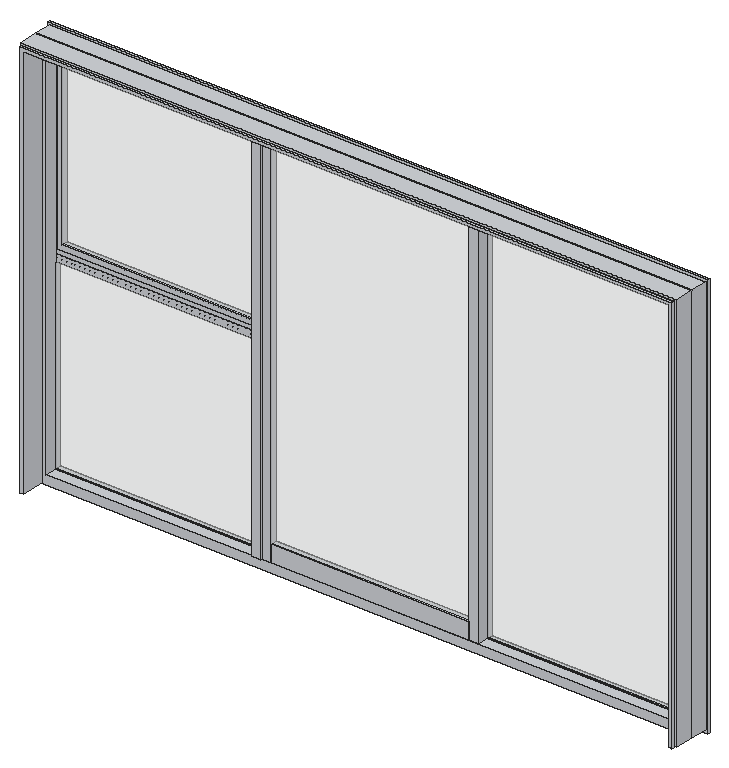
Revit family "APL Residential Thermal Heart Sliding Door FSF with Sidelight", category Doors, host Wall, Revit 2017 (continued)
Definition of nested family "APL Residential Thermal Heart Sliding Door FSF Vertical Section"
  Definition of nested family "Glass"
    Lines and regions (mm)
      detail lines, in view "Ref. Level"
        curve 22: arc (24.361, -10.787, 0) -> (24.512, -10.617, 0) -> (24.69, -10.476, 0) r 1.288
        curve 23: arc (24.69, -10.476, 0) -> (24.895, -10.467, 0) -> (25, -10.643, 0) r 0.2
        curve 24: line (24.92, -11.912, 0) -> (24.161, -12.614, 0)
        curve 25: line (24, -12.981, 0) -> (24, -14.404, 0)
        curve 26: line (24.289, -14.651, 0) -> (28.489, -13.997, 0)
        curve 27: line (28.699, -13.728, 0) -> (28.548, -12, 0)
        curve 28: line (28.548, -12, 0) -> (27, -12, 0)
        curve 29: line (27, -12, 0) -> (27, -9.1, 0)
        curve 30: line (27, -9.1, 0) -> (27.5, -9.1, 0)
        curve 31: line (27.727, -8.744, 0) -> (26.033, -5.114, 0)
        curve 32: line (25.24, -5.095, 0) -> (24.864, -5.812, 0)
        curve 33: line (24, -7.187, 0) -> (24, -7.743, 0)
        curve 34: line (25, -7.756, 0) -> (25, -8.353, 0)
        curve 35: line (24, -10.054, 0) -> (24, -10.668, 0)
        curve 36: line (25, -10.643, 0) -> (25, -11.728, 0)
        curve 87: arc (-0.25, -13, 0) -> (0, -12.75, 0) -> (-0.25, -12.5, 0) r 0.25
        curve 88: arc (-0.25, -9.45, 0) -> (0, -9.2, 0) -> (-0.25, -8.95, 0) r 0.25
        curve 89: arc (-0.25, -8.281, 0) -> (0, -8.031, 0) -> (-0.25, -7.781, 0) r 0.25
        curve 90: arc (-0.25, -7.113, 0) -> (0, -6.863, 0) -> (-0.25, -6.613, 0) r 0.25
        curve 91: line (-0.25, -5.444, 0) -> (-1, -5.444, 0)
        curve 92: line (-1, -5.444, 0) -> (-1, -9.45, 0)
        curve 93: line (-1, -9.45, 0) -> (-2.2, -9.45, 0)
        curve 94: line (-2.2, -9.45, 0) -> (-2.2, -8.7, 0)
        curve 95: line (-2.2, -8.7, 0) -> (-2.8, -8.7, 0)
        curve 96: line (-2.8, -8.7, 0) -> (-2.8, -11.8, 0)
        curve 97: line (-2.8, -11.8, 0) -> (-2.2, -11.8, 0)
        curve 98: line (-2.2, -11.8, 0) -> (-2.2, -11.05, 0)
        curve 99: line (-2.2, -11.05, 0) -> (-1, -11.05, 0)
        curve 100: line (-1, -11.05, 0) -> (-1, -13, 0)
        curve 101: line (-1, -13, 0) -> (-0.25, -13, 0)
        curve 102: line (-0.25, -12.5, 0) -> (-0.25, -9.45, 0)
        curve 103: line (-0.25, -8.95, 0) -> (-0.25, -8.281, 0)
        curve 104: line (-0.25, -7.781, 0) -> (-0.25, -7.113, 0)
        curve 105: line (-0.25, -6.613, 0) -> (-0.25, -5.944, 0)
        curve 106: arc (-0.25, -5.944, 0) -> (0, -5.694, 0) -> (-0.25, -5.444, 0) r 0.25
      detail lines, in view "Ref. Level", not visible
        curve 37: arc (-0.25, -4.9, 0) -> (0, -5.15, 0) -> (-0.25, -5.4, 0) r 0.25
        curve 38: arc (-0.25, -8.45, 0) -> (0, -8.7, 0) -> (-0.25, -8.95, 0) r 0.25
        curve 39: arc (-0.25, -9.619, 0) -> (0, -9.869, 0) -> (-0.25, -10.119, 0) r 0.25
        curve 40: arc (-0.25, -10.787, 0) -> (0, -11.037, 0) -> (-0.25, -11.287, 0) r 0.25
        curve 41: line (-0.25, -12.456, 0) -> (-1, -12.456, 0)
        curve 42: line (-1, -12.456, 0) -> (-1, -8.45, 0)
        curve 43: line (-1, -8.45, 0) -> (-2.2, -8.45, 0)
        curve 44: line (-2.2, -8.45, 0) -> (-2.2, -9.2, 0)
        curve 45: line (-2.2, -9.2, 0) -> (-2.8, -9.2, 0)
        curve 46: line (-2.8, -9.2, 0) -> (-2.8, -6.1, 0)
        curve 47: line (-2.8, -6.1, 0) -> (-2.2, -6.1, 0)
        curve 48: line (-2.2, -6.1, 0) -> (-2.2, -6.85, 0)
        curve 49: line (-2.2, -6.85, 0) -> (-1, -6.85, 0)
        curve 50: line (-1, -6.85, 0) -> (-1, -4.9, 0)
        curve 51: line (-1, -4.9, 0) -> (-0.25, -4.9, 0)
        curve 52: line (-0.25, -5.4, 0) -> (-0.25, -8.45, 0)
        curve 53: line (-0.25, -8.95, 0) -> (-0.25, -9.619, 0)
        curve 54: line (-0.25, -10.119, 0) -> (-0.25, -10.787, 0)
        curve 55: line (-0.25, -11.287, 0) -> (-0.25, -11.956, 0)
        curve 56: arc (-0.25, -11.956, 0) -> (0, -12.206, 0) -> (-0.25, -12.456, 0) r 0.25
        curve 57: arc (25, -10.728, 0) -> (24.979, -10.828, 0) -> (24.92, -10.912, 0) r 0.25
        curve 58: arc (24.161, -11.614, 0) -> (24.042, -11.78, 0) -> (24, -11.981, 0) r 0.5
        curve 59: arc (24, -13.404, 0) -> (24.088, -13.594, 0) -> (24.289, -13.651, 0) r 0.25
        curve 60: arc (28.489, -12.997, 0) -> (28.647, -12.904, 0) -> (28.699, -12.728, 0) r 0.25
        curve 61: arc (27.5, -8.1, 0) -> (27.711, -7.984, 0) -> (27.727, -7.744, 0) r 0.25
        curve 62: arc (26.033, -4.114, 0) -> (25.642, -3.858, 0) -> (25.24, -4.095, 0) r 0.442
        curve 63: arc (24.864, -4.812, 0) -> (24.414, -5.357, 0) -> (24.052, -5.964, 0) r 4.62
        curve 64: arc (24.052, -5.964, 0) -> (24.013, -6.073, 0) -> (24, -6.187, 0) r 0.5
        curve 65: arc (24, -6.743, 0) -> (24.132, -6.931, 0) -> (24.353, -6.871, 0) r 0.2
        curve 66: arc (24.353, -6.871, 0) -> (24.514, -6.711, 0) -> (24.702, -6.581, 0) r 1.262
        curve 67: arc (24.702, -6.581, 0) -> (24.901, -6.583, 0) -> (25, -6.756, 0) r 0.2
        curve 68: arc (25, -7.353, 0) -> (24.962, -7.543, 0) -> (24.855, -7.705, 0) r 0.5
        curve 69: arc (24.855, -7.705, 0) -> (24.408, -8.237, 0) -> (24.051, -8.833, 0) r 4.3
        curve 70: arc (24.051, -8.833, 0) -> (24.013, -8.941, 0) -> (24, -9.054, 0) r 0.5
        curve 71: arc (24, -9.668, 0) -> (24.137, -9.858, 0) -> (24.361, -9.787, 0) r 0.2
        curve 72: arc (24.361, -9.787, 0) -> (24.512, -9.617, 0) -> (24.69, -9.476, 0) r 1.288
        curve 73: arc (24.69, -9.476, 0) -> (24.895, -9.467, 0) -> (25, -9.643, 0) r 0.2
        curve 74: line (24.92, -10.912, 0) -> (24.161, -11.614, 0)
        curve 75: line (24, -11.981, 0) -> (24, -13.404, 0)
        curve 76: line (24.289, -13.651, 0) -> (28.489, -12.997, 0)
        curve 77: line (28.699, -12.728, 0) -> (28.548, -11, 0)
        curve 78: line (28.548, -11, 0) -> (27, -11, 0)
        curve 79: line (27, -11, 0) -> (27, -8.1, 0)
        curve 80: line (27, -8.1, 0) -> (27.5, -8.1, 0)
        curve 81: line (27.727, -7.744, 0) -> (26.033, -4.114, 0)
        curve 82: line (25.24, -4.095, 0) -> (24.864, -4.812, 0)
        curve 83: line (24, -6.187, 0) -> (24, -6.743, 0)
        curve 84: line (25, -6.756, 0) -> (25, -7.353, 0)
        curve 85: line (24, -9.054, 0) -> (24, -9.668, 0)
        curve 86: line (25, -9.643, 0) -> (25, -10.728, 0)
    Dimensions and locks
      "Glass Lenght": plane 1 "Center (Front/Back)" to plane 4
      aligned and locked: plane 4 to curve 2
      aligned and locked: plane 1 "Center (Front/Back)" to Filled region 1 sketch curve
      aligned and locked: Filled region 1 sketch curve to curve 6
      aligned and locked: Filled region 1 sketch curve to curve 1
      aligned and locked: Filled region 1 sketch curve to curve 5
    Automatic sketch dimensions
      plane 1 "Center (Front/Back)" to curve 2 = 0 mm
      curve 2 to plane 3 "Center (Left/Right)" = 0 mm
      curve 6 to plane 4 = 0 mm
      curve 5 to plane 4 = 0 mm
      curve 4 to plane 4 = 0 mm
      curve 5 to curve 3 = 4 mm
      curve 1 to curve 1 = 16 mm
      plane 1 "Center (Front/Back)" to curve 1 = 12 mm
      plane 3 "Center (Left/Right)" to curve 6 = 4 mm
  Definition of nested family "Glazing Bead"
    Parameters (values of type "Glazing Bead")
      Glass Lenght [instance] = 50 mm
    Reference planes
      plane 1 "Center (Front/Back)": y = 0
      plane 2: z = 0
      plane 3 "Center (Left/Right)": x = 0
      plane 4: y = -50
    Lines and regions (mm)
      Filled region 1, type "Solid Fill - Black", in view "Ref. Level"
        outline origin (0, 0, 0) x (1, 0, 0) y (0, 1, 0)
          loop
            line (4, 0) -> (4, -12) -> (20, -12) -> (20, 0) -> (4, 0)
      model lines, in view "Ref. Level"
        curve 1: line (4, -12, 0) -> (20, -12, 0)
        curve 2: line (0, -50, 0) -> (0, 0, 0)
        curve 3: line (0, 0, 0) -> (24, 0, 0)
        curve 4: line (24, 0, 0) -> (24, -50, 0)
        curve 5: line (20, 0, 0) -> (20, -50, 0)
        curve 6: line (4, 0, 0) -> (4, -50, 0)
      detail lines, in view "Ref. Level"
        curve 7: arc (-0.25, -4.9, 0) -> (0, -5.15, 0) -> (-0.25, -5.4, 0) r 0.25
        curve 8: arc (-0.25, -8.45, 0) -> (0, -8.7, 0) -> (-0.25, -8.95, 0) r 0.25
        curve 9: arc (-0.25, -9.619, 0) -> (0, -9.869, 0) -> (-0.25, -10.119, 0) r 0.25
        curve 10: arc (-0.25, -10.787, 0) -> (0, -11.037, 0) -> (-0.25, -11.287, 0) r 0.25
        curve 11: line (-0.25, -12.456, 0) -> (-1, -12.456, 0)
        curve 12: line (-1, -12.456, 0) -> (-1, -8.45, 0)
        curve 13: line (-1, -8.45, 0) -> (-2.2, -8.45, 0)
        curve 14: line (-2.2, -8.45, 0) -> (-2.2, -9.2, 0)
        curve 15: line (-2.2, -9.2, 0) -> (-2.8, -9.2, 0)
        curve 16: line (-2.8, -9.2, 0) -> (-2.8, -6.1, 0)
        curve 17: line (-2.8, -6.1, 0) -> (-2.2, -6.1, 0)
        curve 18: line (-2.2, -6.1, 0) -> (-2.2, -6.85, 0)
        curve 19: line (-2.2, -6.85, 0) -> (-1, -6.85, 0)
        curve 20: line (-1, -6.85, 0) -> (-1, -4.9, 0)
        curve 21: line (-1, -4.9, 0) -> (-0.25, -4.9, 0)
        curve 22: line (-0.25, -5.4, 0) -> (-0.25, -8.45, 0)
        curve 23: line (-0.25, -8.95, 0) -> (-0.25, -9.619, 0)
        curve 24: line (-0.25, -10.119, 0) -> (-0.25, -10.787, 0)
        curve 25: line (-0.25, -11.287, 0) -> (-0.25, -11.956, 0)
        curve 26: arc (-0.25, -11.956, 0) -> (0, -12.206, 0) -> (-0.25, -12.456, 0) r 0.25
      detail lines, in view "Ref. Level", not visible
        curve 27: arc (-0.25, -4.9, 0) -> (0, -5.15, 0) -> (-0.25, -5.4, 0) r 0.25
        curve 28: arc (-0.25, -8.45, 0) -> (0, -8.7, 0) -> (-0.25, -8.95, 0) r 0.25
        curve 29: arc (-0.25, -9.619, 0) -> (0, -9.869, 0) -> (-0.25, -10.119, 0) r 0.25
        curve 30: arc (-0.25, -10.787, 0) -> (0, -11.037, 0) -> (-0.25, -11.287, 0) r 0.25
        curve 31: line (-0.25, -12.456, 0) -> (-1, -12.456, 0)
        curve 32: line (-1, -12.456, 0) -> (-1, -8.45, 0)
        curve 33: line (-1, -8.45, 0) -> (-2.2, -8.45, 0)
        curve 34: line (-2.2, -8.45, 0) -> (-2.2, -9.2, 0)
        curve 35: line (-2.2, -9.2, 0) -> (-2.8, -9.2, 0)
        curve 36: line (-2.8, -9.2, 0) -> (-2.8, -6.1, 0)
        curve 37: line (-2.8, -6.1, 0) -> (-2.2, -6.1, 0)
        curve 38: line (-2.2, -6.1, 0) -> (-2.2, -6.85, 0)
        curve 39: line (-2.2, -6.85, 0) -> (-1, -6.85, 0)
        curve 40: line (-1, -6.85, 0) -> (-1, -4.9, 0)
        curve 41: line (-1, -4.9, 0) -> (-0.25, -4.9, 0)
        curve 42: line (-0.25, -5.4, 0) -> (-0.25, -8.45, 0)
        curve 43: line (-0.25, -8.95, 0) -> (-0.25, -9.619, 0)
        curve 44: line (-0.25, -10.119, 0) -> (-0.25, -10.787, 0)
        curve 45: line (-0.25, -11.287, 0) -> (-0.25, -11.956, 0)
        curve 46: arc (-0.25, -11.956, 0) -> (0, -12.206, 0) -> (-0.25, -12.456, 0) r 0.25
        curve 47: arc (62.983, -3.041, 0) -> (62.673, -2.901, 0) -> (62.511, -3.2, 0) r 0.25
        curve 48: arc (62.537, -13.088, 0) -> (62.7, -13.387, 0) -> (63.01, -13.247, 0) r 0.25
        curve 49: line (62.511, -3.2, 0) -> (63.505, -7.068, 0)
        curve 50: line (63.505, -7.068, 0) -> (62.502, -7.647, 0)
        curve 51: line (62.502, -7.647, 0) -> (62.502, -8.647, 0)
        curve 52: line (62.502, -8.647, 0) -> (63.527, -9.239, 0)
        curve 53: line (63.527, -9.239, 0) -> (62.537, -13.088, 0)
        curve 54: line (63.01, -13.247, 0) -> (64.734, -9.147, 0)
        curve 55: line (64.734, -9.147, 0) -> (66.002, -9.147, 0)
        curve 56: line (66.002, -9.147, 0) -> (66.002, -10.397, 0)
        curve 57: line (66.002, -10.397, 0) -> (67.002, -10.397, 0)
        curve 58: line (67.002, -10.397, 0) -> (67.002, -5.897, 0)
        curve 59: line (67.002, -5.897, 0) -> (66.002, -5.897, 0)
        curve 60: line (66.002, -5.897, 0) -> (66.002, -7.147, 0)
        curve 61: line (66.002, -7.147, 0) -> (64.71, -7.147, 0)
        curve 62: line (64.71, -7.147, 0) -> (62.983, -3.041, 0)
    Dimensions and locks
      "Glass Lenght": plane 1 "Center (Front/Back)" to plane 4
      aligned and locked: plane 4 to curve 2
      aligned and locked: plane 1 "Center (Front/Back)" to Filled region 1 sketch curve
      aligned and locked: Filled region 1 sketch curve to curve 6
      aligned and locked: Filled region 1 sketch curve to curve 1
      aligned and locked: Filled region 1 sketch curve to curve 5
    Automatic sketch dimensions
      plane 1 "Center (Front/Back)" to curve 2 = 0 mm
      curve 2 to plane 3 "Center (Left/Right)" = 0 mm
      curve 6 to plane 4 = 0 mm
      curve 5 to plane 4 = 0 mm
      curve 4 to plane 4 = 0 mm
      curve 5 to curve 3 = 4 mm
      plane 3 "Center (Left/Right)" to curve 1 = 4 mm
      curve 6 to curve 5 = 16 mm
      plane 1 "Center (Front/Back)" to curve 1 = 12 mm
    Nested families
      nested 1: "65015_Bead" at (-15.5, 6.328, 0), type "65015_Bead", in view "Ref. Level"
    Definition of nested family "65015_Bead"
      Reference planes
        plane 1 "Center (Front/Back)": y = 0
        plane 2: z = 0
        plane 3 "Center (Left/Right)": x = 0
      Lines and regions (mm)
        model lines, in view "Ref. Level"
          curve 1: arc (13.5, 12.78, 0) -> (13.558, 12.92, 0) -> (13.698, 12.978, 0) r 0.198
          curve 2: arc (14.302, 12.978, 0) -> (14.442, 12.918, 0) -> (14.5, 12.777, 0) r 0.201
          curve 3: arc (14.5, 10.175, 0) -> (14.442, 10.036, 0) -> (14.302, 9.978, 0) r 0.198
          curve 4: arc (13.698, 9.978, 0) -> (13.558, 10.036, 0) -> (13.5, 10.175, 0) r 0.198
          curve 5: arc (13.5, 11.027, 0) -> (13.442, 11.169, 0) -> (13.3, 11.228, 0) r 0.2
          curve 6: arc (12.7, 11.228, 0) -> (11.851, 11.579, 0) -> (11.5, 12.428, 0) r 1.2
          curve 7: arc (11.5, 13.628, 0) -> (11.377, 13.813, 0) -> (11.159, 13.769, 0) r 0.2
          curve 8: arc (1.546, 4.157, 0) -> (1.438, 3.995, 0) -> (1.4, 3.804, 0) r 0.5
          curve 9: arc (1.4, 1.817, 0) -> (1.467, 1.567, 0) -> (1.65, 1.384, 0) r 0.5
          curve 10: arc (10.675, -3.827, 0) -> (10.913, -4.714, 0) -> (10.025, -4.952, 0) r 0.65
          curve 11: arc (3.306, -1.073, 0) -> (2.928, -1.023, 0) -> (2.624, -1.254, 0) r 0.5
          curve 12: arc (2.587, -2.129, 0) -> (2.248, -2.45, 0) -> (1.791, -2.352, 0) r 0.5
          curve 13: arc (1.518, -2.123, 0) -> (1.466, -2.054, 0) -> (1.447, -1.97, 0) r 0.2
          curve 14: arc (1.447, -1.115, 0) -> (1.476, -1.011, 0) -> (1.555, -0.938, 0) r 0.2
          curve 15: arc (1.555, -0.938, 0) -> (1.717, -0.809, 0) -> (1.82, -0.63, 0) r 0.55
          curve 16: arc (1.82, -0.63, 0) -> (1.825, -0.452, 0) -> (1.729, -0.302, 0) r 0.3
          curve 17: arc (0.2, 0, 0) -> (0.059, 0.059, 0) -> (0, 0.2, 0) r 0.2
          curve 18: arc (0, 4.383, 0) -> (0.038, 4.575, 0) -> (0.146, 4.737, 0) r 0.5
          curve 19: arc (14.159, 18.749, 0) -> (14.377, 18.792, 0) -> (14.5, 18.608, 0) r 0.2
          curve 20: arc (14.5, 15.172, 0) -> (14.442, 15.034, 0) -> (14.303, 14.978, 0) r 0.194
          curve 21: arc (13.698, 14.978, 0) -> (13.559, 15.038, 0) -> (13.5, 15.177, 0) r 0.203
          curve 22: arc (13.5, 15.528, 0) -> (13.441, 15.669, 0) -> (13.3, 15.728, 0) r 0.201
          curve 23: arc (12.7, 15.728, 0) -> (12.559, 15.669, 0) -> (12.5, 15.528, 0) r 0.2
          curve 24: arc (12.5, 12.428, 0) -> (12.559, 12.286, 0) -> (12.7, 12.228, 0) r 0.2
          curve 25: line (13.5, 12.428, 0) -> (13.5, 12.78, 0)
          curve 26: line (13.698, 12.978, 0) -> (14.302, 12.978, 0)
          curve 27: line (14.5, 12.777, 0) -> (14.5, 10.175, 0)
          curve 28: line (14.302, 9.978, 0) -> (13.698, 9.978, 0)
          curve 29: line (13.5, 10.175, 0) -> (13.5, 11.027, 0)
          curve 30: line (13.3, 11.228, 0) -> (12.7, 11.228, 0)
          curve 31: line (11.5, 12.428, 0) -> (11.5, 13.628, 0)
          curve 32: line (11.159, 13.769, 0) -> (1.546, 4.157, 0)
          curve 33: line (1.4, 3.804, 0) -> (1.4, 1.817, 0)
          curve 34: line (1.65, 1.384, 0) -> (10.675, -3.827, 0)
          curve 35: line (10.025, -4.952, 0) -> (3.306, -1.073, 0)
          curve 36: line (2.597, -1.355, 0) -> (2.597, -2.065, 0)
          curve 37: line (1.791, -2.352, 0) -> (1.518, -2.123, 0)
          curve 38: line (1.518, -2.123, 0) -> (1.447, -1.115, 0)
          curve 39: line (1.729, -0.302, 0) -> (1.425, -0.047, 0)
          curve 40: line (1.425, -0.047, 0) -> (0.2, 0, 0)
          curve 41: line (0, 0.2, 0) -> (0, 4.383, 0)
          curve 42: line (0.146, 4.737, 0) -> (14.159, 18.749, 0)
          curve 43: line (14.5, 18.608, 0) -> (14.5, 15.172, 0)
          curve 44: line (14.303, 14.978, 0) -> (13.698, 14.978, 0)
          curve 45: line (13.5, 15.177, 0) -> (13.5, 15.528, 0)
          curve 46: line (13.3, 15.728, 0) -> (12.7, 15.728, 0)
          curve 47: line (12.5, 15.528, 0) -> (12.5, 12.428, 0)
          curve 48: line (12.7, 12.228, 0) -> (13.3, 12.228, 0)
          curve 49: arc (13.3, 12.228, 0) -> (13.441, 12.286, 0) -> (13.5, 12.428, 0) r 0.2
      Text (mm)
        text "65015" at (32.01, 10.207, 0), in view "Ref. Level"
  Definition of nested family "Two Panel Sill"
    Parameters (values of type "Two Panel Sill")
      Threshold = yes
    Reference planes
      plane 1 "Center (Front/Back)": y = 0
      plane 2: z = 0
      plane 3 "Center (Left/Right)": x = 0
    Lines and regions (mm)
      detail lines, in view "Ref. Level"
        curve 1: arc (16.603, 58.8, 0) -> (17.381, 59.122, 0) -> (17.703, 59.9, 0) r 1.1
        curve 2: arc (0.803, 59.899, 0) -> (1.126, 59.122, 0) -> (1.903, 58.8, 0) r 1.1
        curve 3: arc (17.703, 76.7, 0) -> (17.381, 77.478, 0) -> (16.603, 77.8, 0) r 1.1
        curve 4: arc (1.903, 77.8, 0) -> (1.125, 77.477, 0) -> (0.803, 76.699, 0) r 1.1
        curve 5: arc (16.603, 58.799, 0) -> (17.382, 59.121, 0) -> (17.703, 59.9, 0) r 1.1
        curve 6: arc (17.703, 76.702, 0) -> (17.381, 77.479, 0) -> (16.603, 77.802, 0) r 1.1
        curve 7: arc (7.678, 82.796, 0) -> (6.666, 82.818, 0) -> (6.153, 81.945, 0) r 1
        curve 8: arc (6.153, 44.255, 0) -> (6.666, 43.382, 0) -> (7.678, 43.404, 0) r 1
        curve 9: arc (12.353, 81.945, 0) -> (11.841, 82.818, 0) -> (10.828, 82.796, 0) r 1
        curve 10: arc (10.828, 43.404, 0) -> (11.841, 43.382, 0) -> (12.353, 44.255, 0) r 1
        curve 11: arc (7.678, 82.796, 0) -> (9.253, 82.35, 0) -> (10.828, 82.796, 0) r 3
        curve 12: arc (10.828, 43.404, 0) -> (9.253, 43.851, 0) -> (7.678, 43.404, 0) r 3
        curve 13: arc (5.253, 51, 0) -> (5.546, 50.293, 0) -> (6.253, 50, 0) r 1
        curve 14: arc (12.253, 50, 0) -> (12.96, 50.293, 0) -> (13.253, 51, 0) r 1
        curve 15: arc (14.453, 84.69, 0) -> (13.952, 84.595, 0) -> (13.453, 84.49, 0) r 26
        curve 16: arc (5.053, 84.49, 0) -> (4.554, 84.595, 0) -> (4.053, 84.69, 0) r 26
        curve 17: arc (5.053, 85.031, 0) -> (4.554, 85.062, 0) -> (4.053, 85.085, 0) r 26
        curve 18: arc (14.453, 85.085, 0) -> (13.953, 85.062, 0) -> (13.453, 85.031, 0) r 26
        curve 19: line (7.616, 58.464, 0) -> (8.694, 57.549, 0)
        curve 20: arc (8.309, 62.255, 0) -> (6.888, 61.307, 0) -> (6.184, 59.751, 0) r 3.102
        curve 21: line (7.502, 59.859, 0) -> (8.417, 60.937, 0)
        curve 22: line (10.89, 60.137, 0) -> (9.812, 61.052, 0)
        curve 23: arc (10.198, 56.345, 0) -> (11.619, 57.293, 0) -> (12.323, 58.849, 0) r 3.102
        curve 24: line (11.005, 58.741, 0) -> (10.09, 57.663, 0)
        curve 25: circle (9.253, 59.3, 0) r 4.4 normal (0, 0, 1)
        curve 26: arc (9.596, 63.684, 0) -> (8.894, 63.683, 0) -> (8.201, 63.57, 0) r 4.397
        curve 27: arc (8.91, 54.916, 0) -> (9.612, 54.918, 0) -> (10.305, 55.031, 0) r 4.397
        curve 28: line (8.309, 62.255, 0) -> (8.201, 63.57, 0)
        curve 29: line (9.596, 63.684, 0) -> (9.704, 62.37, 0)
        curve 30: line (10.198, 56.345, 0) -> (10.305, 55.031, 0)
        curve 31: line (8.91, 54.916, 0) -> (8.802, 56.231, 0)
        curve 32: arc (2.903, 86.3, 0) -> (2.196, 86.007, 0) -> (1.903, 85.3, 0) r 1
        curve 33: arc (16.603, 85.3, 0) -> (16.31, 86.007, 0) -> (15.603, 86.3, 0) r 1
        curve 34: arc (15.603, 85, 0) -> (15.515, 85.212, 0) -> (15.303, 85.3, 0) r 0.3
        curve 35: arc (3.203, 85.3, 0) -> (2.991, 85.212, 0) -> (2.903, 85, 0) r 0.3
        curve 36: line (17.703, 59.9, 0) -> (17.703, 61.8, 0)
        curve 37: line (0.803, 61.8, 0) -> (0.803, 59.899, 0)
        curve 38: line (17.703, 74.8, 0) -> (17.703, 76.7, 0)
        curve 39: line (0.803, 76.699, 0) -> (0.803, 74.8, 0)
        curve 40: line (17.703, 59.9, 0) -> (17.703, 61.8, 0)
        curve 41: line (0.803, 76.699, 0) -> (0.803, 74.8, 0)
        curve 42: line (6.153, 44.255, 0) -> (6.153, 51.1, 0)
        curve 43: line (6.153, 81.6, 0) -> (6.153, 81.945, 0)
        curve 44: line (12.353, 81.6, 0) -> (12.353, 81.945, 0)
        curve 45: line (12.353, 44.255, 0) -> (12.353, 51.1, 0)
        curve 46: line (0.803, 66.09, 0) -> (0.503, 66.09, 0)
        curve 47: line (0.503, 66.09, 0) -> (0.503, 60.11, 0)
        curve 48: line (0.503, 60.11, 0) -> (0.803, 60.11, 0)
        curve 49: line (3.003, 51.3, 0) -> (3.003, 51.1, 0)
        curve 50: line (3.003, 51.1, 0) -> (3.503, 51.1, 0)
        curve 51: line (3.503, 51.1, 0) -> (15.003, 51.1, 0)
        curve 52: line (15.003, 51.1, 0) -> (15.503, 51.1, 0)
        curve 53: line (15.503, 51.1, 0) -> (15.503, 51.3, 0)
        curve 54: line (15.503, 75.8, 0) -> (15.503, 81.6, 0)
        curve 55: line (15.503, 81.6, 0) -> (15.003, 81.6, 0)
        curve 56: line (15.003, 81.6, 0) -> (15.003, 75.8, 0)
        curve 57: line (3.003, 75.8, 0) -> (3.003, 81.6, 0)
        curve 58: line (15.003, 81.6, 0) -> (3.503, 81.6, 0)
        curve 59: line (3.503, 81.6, 0) -> (3.003, 81.6, 0)
        curve 60: line (3.003, 81.6, 0) -> (3.003, 85.1, 0)
        curve 61: line (3.003, 85.1, 0) -> (4.003, 85.1, 0)
        curve 62: line (4.003, 85.1, 0) -> (4.003, 81.6, 0)
        curve 63: line (14.503, 81.6, 0) -> (14.503, 85.1, 0)
        curve 64: line (14.503, 85.1, 0) -> (15.503, 85.1, 0)
        curve 65: line (15.503, 85.1, 0) -> (15.503, 81.6, 0)
        curve 66: line (14.453, 84.69, 0) -> (14.453, 81.6, 0)
        curve 67: line (4.053, 84.69, 0) -> (4.053, 81.6, 0)
        curve 68: line (5.053, 81.6, 0) -> (5.053, 84.49, 0)
        curve 69: line (5.053, 84.49, 0) -> (5.053, 85.031, 0)
        curve 70: line (13.453, 81.6, 0) -> (13.453, 84.49, 0)
        curve 71: line (13.453, 84.49, 0) -> (13.453, 85.031, 0)
        curve 72: line (4.053, 84.69, 0) -> (4.053, 84.938, 0)
        curve 73: line (14.453, 84.69, 0) -> (14.453, 84.938, 0)
        curve 74: line (8.802, 56.231, 0) -> (8.694, 57.549, 0)
        curve 75: line (8.417, 60.937, 0) -> (8.309, 62.255, 0)
        curve 76: line (9.704, 62.37, 0) -> (9.812, 61.052, 0)
        curve 77: line (10.09, 57.663, 0) -> (10.198, 56.345, 0)
        curve 78: line (1.903, 80.3, 0) -> (1.903, 85.3, 0)
        curve 79: line (2.903, 86.3, 0) -> (15.603, 86.3, 0)
        curve 80: line (16.603, 85.3, 0) -> (16.603, 80.3, 0)
        curve 81: line (16.603, 80.3, 0) -> (15.603, 80.3, 0)
        curve 82: line (15.603, 80.3, 0) -> (15.603, 85, 0)
        curve 83: line (15.303, 85.3, 0) -> (3.203, 85.3, 0)
        curve 84: line (2.903, 85, 0) -> (2.903, 80.3, 0)
        curve 85: line (2.903, 80.3, 0) -> (1.903, 80.3, 0)
        curve 86: line (1.903, 80.3, 0) -> (1.903, 78.3, 0)
        curve 87: line (1.903, 78.3, 0) -> (1.903, 75.8, 0)
        curve 88: line (15.603, 80.3, 0) -> (15.603, 78.3, 0)
        curve 89: line (15.603, 78.3, 0) -> (16.603, 78.3, 0)
        curve 90: line (16.603, 78.3, 0) -> (16.603, 80.3, 0)
        curve 91: line (2.903, 80.3, 0) -> (2.903, 78.3, 0)
        curve 92: line (2.903, 78.3, 0) -> (1.903, 78.3, 0)
        curve 93: line (2.003, 51.3, 0) -> (16.603, 51.3, 0)
        curve 94: line (16.603, 51.3, 0) -> (16.603, 75.8, 0)
        curve 95: line (16.603, 75.8, 0) -> (2.003, 75.8, 0)
        curve 96: line (2.003, 75.8, 0) -> (2.003, 51.3, 0)
        curve 97: line (1.903, 51.3, 0) -> (1.903, 75.8, 0)
        curve 98: line (2.903, 78.3, 0) -> (2.903, 75.8, 0)
        curve 99: line (16.603, 78.3, 0) -> (16.603, 75.8, 0)
        curve 100: line (15.603, 78.3, 0) -> (15.603, 75.8, 0)
        curve 101: line (16.603, 74.8, 0) -> (17.703, 74.8, 0)
        curve 102: line (17.703, 74.8, 0) -> (17.703, 61.8, 0)
        curve 103: line (17.703, 61.8, 0) -> (16.603, 61.8, 0)
        curve 104: line (1.903, 61.8, 0) -> (0.803, 61.8, 0)
        curve 105: line (0.803, 61.8, 0) -> (0.803, 74.8, 0)
        curve 106: line (0.803, 74.8, 0) -> (1.903, 74.8, 0)
        curve 107: line (15.003, 51.3, 0) -> (15.003, 51.1, 0)
        curve 108: line (3.503, 51.1, 0) -> (3.503, 51.3, 0)
        curve 109: line (3.503, 75.8, 0) -> (3.503, 81.6, 0)
        curve 110: line (7.678, 43.404, 0) -> (7.678, 51.1, 0)
        curve 111: line (7.678, 81.6, 0) -> (7.678, 82.796, 0)
        curve 112: line (10.828, 82.796, 0) -> (10.828, 81.6, 0)
        curve 113: line (10.828, 51.1, 0) -> (10.828, 43.404, 0)
        curve 114: line (12.208, 60.245, 0) -> (13.526, 60.353, 0)
        curve 115: line (13.64, 58.957, 0) -> (12.323, 58.849, 0)
        curve 116: line (6.298, 58.356, 0) -> (4.981, 58.248, 0)
        curve 117: line (4.867, 59.643, 0) -> (6.184, 59.751, 0)
        curve 118: line (6.184, 59.751, 0) -> (7.502, 59.859, 0)
        curve 119: line (10.89, 60.137, 0) -> (12.208, 60.245, 0)
        curve 120: line (12.323, 58.849, 0) -> (11.005, 58.741, 0)
        curve 121: line (7.616, 58.464, 0) -> (6.298, 58.356, 0)
        curve 122: arc (6.298, 58.356, 0) -> (7.246, 56.935, 0) -> (8.802, 56.231, 0) r 3.102
        curve 123: arc (12.208, 60.245, 0) -> (11.261, 61.666, 0) -> (9.704, 62.37, 0) r 3.102
        curve 247: arc (-46.248, 44.356, 0) -> (-46.558, 44.496, 0) -> (-46.72, 44.197, 0) r 0.25
        curve 248: arc (-46.694, 34.309, 0) -> (-46.531, 34.01, 0) -> (-46.221, 34.15, 0) r 0.25
        curve 249: line (-46.72, 44.197, 0) -> (-45.726, 40.329, 0)
        curve 250: line (-45.726, 40.329, 0) -> (-46.729, 39.75, 0)
        curve 251: line (-46.729, 39.75, 0) -> (-46.729, 38.75, 0)
        curve 252: line (-46.729, 38.75, 0) -> (-45.704, 38.158, 0)
        curve 253: line (-45.704, 38.158, 0) -> (-46.694, 34.309, 0)
        curve 254: line (-46.221, 34.15, 0) -> (-44.497, 38.25, 0)
        curve 255: line (-44.497, 38.25, 0) -> (-43.229, 38.25, 0)
        curve 256: line (-43.229, 38.25, 0) -> (-43.229, 37, 0)
        curve 257: line (-43.229, 37, 0) -> (-42.229, 37, 0)
        curve 258: line (-42.229, 37, 0) -> (-42.229, 41.5, 0)
        curve 259: line (-42.229, 41.5, 0) -> (-43.229, 41.5, 0)
        curve 260: line (-43.229, 41.5, 0) -> (-43.229, 40.25, 0)
        curve 261: line (-43.229, 40.25, 0) -> (-44.521, 40.25, 0)
        curve 262: line (-44.521, 40.25, 0) -> (-46.248, 44.356, 0)
      detail lines, in view "Ref. Level", not visible
        curve 124: arc (16.603, 57.797, 0) -> (17.381, 58.12, 0) -> (17.703, 58.897, 0) r 1.1
        curve 125: arc (0.803, 58.896, 0) -> (1.126, 58.119, 0) -> (1.903, 57.797, 0) r 1.1
        curve 126: arc (17.703, 75.697, 0) -> (17.381, 76.475, 0) -> (16.603, 76.797, 0) r 1.1
        curve 127: arc (1.903, 76.797, 0) -> (1.125, 76.475, 0) -> (0.803, 75.696, 0) r 1.1
        curve 128: arc (16.603, 57.796, 0) -> (17.382, 58.119, 0) -> (17.703, 58.897, 0) r 1.1
        curve 129: arc (17.703, 75.699, 0) -> (17.381, 76.477, 0) -> (16.603, 76.799, 0) r 1.1
        curve 130: arc (7.678, 81.793, 0) -> (6.666, 81.816, 0) -> (6.153, 80.942, 0) r 1
        curve 131: arc (6.153, 43.252, 0) -> (6.666, 42.379, 0) -> (7.678, 42.401, 0) r 1
        curve 132: arc (12.353, 80.942, 0) -> (11.841, 81.816, 0) -> (10.828, 81.793, 0) r 1
        curve 133: arc (10.828, 42.401, 0) -> (11.841, 42.379, 0) -> (12.353, 43.252, 0) r 1
        curve 134: arc (7.678, 81.793, 0) -> (9.253, 81.347, 0) -> (10.828, 81.793, 0) r 3
        curve 135: arc (10.828, 42.401, 0) -> (9.253, 42.848, 0) -> (7.678, 42.401, 0) r 3
        curve 136: arc (5.253, 49.997, 0) -> (5.546, 49.29, 0) -> (6.253, 48.997, 0) r 1
        curve 137: arc (12.253, 48.997, 0) -> (12.96, 49.29, 0) -> (13.253, 49.997, 0) r 1
        curve 138: arc (14.453, 83.687, 0) -> (13.952, 83.592, 0) -> (13.453, 83.487, 0) r 26
        curve 139: arc (5.053, 83.487, 0) -> (4.554, 83.592, 0) -> (4.053, 83.687, 0) r 26
        curve 140: arc (5.053, 84.028, 0) -> (4.554, 84.06, 0) -> (4.053, 84.082, 0) r 26
        curve 141: arc (14.453, 84.082, 0) -> (13.953, 84.06, 0) -> (13.453, 84.028, 0) r 26
        curve 142: line (7.616, 57.461, 0) -> (8.694, 56.546, 0)
        curve 143: arc (8.309, 61.253, 0) -> (6.888, 60.305, 0) -> (6.184, 58.748, 0) r 3.102
        curve 144: line (7.502, 58.856, 0) -> (8.417, 59.935, 0)
        curve 145: line (10.89, 59.134, 0) -> (9.812, 60.049, 0)
        curve 146: arc (10.198, 55.342, 0) -> (11.619, 56.29, 0) -> (12.323, 57.847, 0) r 3.102
        curve 147: line (11.005, 57.739, 0) -> (10.09, 56.66, 0)
        curve 148: circle (9.253, 58.297, 0) r 4.4 normal (0, 0, 1)
        curve 149: arc (9.596, 62.681, 0) -> (8.894, 62.68, 0) -> (8.201, 62.567, 0) r 4.397
        curve 150: arc (8.91, 53.914, 0) -> (9.612, 53.915, 0) -> (10.305, 54.028, 0) r 4.397
        curve 151: line (8.309, 61.253, 0) -> (8.201, 62.567, 0)
        curve 152: line (9.596, 62.681, 0) -> (9.704, 61.367, 0)
        curve 153: line (10.198, 55.342, 0) -> (10.305, 54.028, 0)
        curve 154: line (8.91, 53.914, 0) -> (8.802, 55.228, 0)
        curve 155: arc (2.903, 85.297, 0) -> (2.196, 85.004, 0) -> (1.903, 84.297, 0) r 1
        curve 156: arc (16.603, 84.297, 0) -> (16.31, 85.004, 0) -> (15.603, 85.297, 0) r 1
        curve 157: arc (15.603, 83.997, 0) -> (15.515, 84.209, 0) -> (15.303, 84.297, 0) r 0.3
        curve 158: arc (3.203, 84.297, 0) -> (2.991, 84.209, 0) -> (2.903, 83.997, 0) r 0.3
        curve 159: line (17.703, 58.897, 0) -> (17.703, 60.797, 0)
        curve 160: line (0.803, 60.797, 0) -> (0.803, 58.896, 0)
        curve 161: line (17.703, 73.797, 0) -> (17.703, 75.697, 0)
        curve 162: line (0.803, 75.696, 0) -> (0.803, 73.797, 0)
        curve 163: line (17.703, 58.897, 0) -> (17.703, 60.797, 0)
        curve 164: line (0.803, 75.696, 0) -> (0.803, 73.797, 0)
        curve 165: line (6.153, 43.252, 0) -> (6.153, 50.097, 0)
        curve 166: line (6.153, 80.597, 0) -> (6.153, 80.942, 0)
        curve 167: line (12.353, 80.597, 0) -> (12.353, 80.942, 0)
        curve 168: line (12.353, 43.252, 0) -> (12.353, 50.097, 0)
        curve 169: line (0.803, 65.087, 0) -> (0.503, 65.087, 0)
        curve 170: line (0.503, 65.087, 0) -> (0.503, 59.107, 0)
        curve 171: line (0.503, 59.107, 0) -> (0.803, 59.107, 0)
        curve 172: line (3.003, 50.297, 0) -> (3.003, 50.097, 0)
        curve 173: line (3.003, 50.097, 0) -> (3.503, 50.097, 0)
        curve 174: line (3.503, 50.097, 0) -> (15.003, 50.097, 0)
        curve 175: line (15.003, 50.097, 0) -> (15.503, 50.097, 0)
        curve 176: line (15.503, 50.097, 0) -> (15.503, 50.297, 0)
        curve 177: line (15.503, 74.797, 0) -> (15.503, 80.597, 0)
        curve 178: line (15.503, 80.597, 0) -> (15.003, 80.597, 0)
        curve 179: line (15.003, 80.597, 0) -> (15.003, 74.797, 0)
        curve 180: line (3.003, 74.797, 0) -> (3.003, 80.597, 0)
        curve 181: line (15.003, 80.597, 0) -> (3.503, 80.597, 0)
        curve 182: line (3.503, 80.597, 0) -> (3.003, 80.597, 0)
        curve 183: line (3.003, 80.597, 0) -> (3.003, 84.097, 0)
        curve 184: line (3.003, 84.097, 0) -> (4.003, 84.097, 0)
        curve 185: line (4.003, 84.097, 0) -> (4.003, 80.597, 0)
        curve 186: line (14.503, 80.597, 0) -> (14.503, 84.097, 0)
        curve 187: line (14.503, 84.097, 0) -> (15.503, 84.097, 0)
        curve 188: line (15.503, 84.097, 0) -> (15.503, 80.597, 0)
        curve 189: line (14.453, 83.687, 0) -> (14.453, 80.597, 0)
        curve 190: line (4.053, 83.687, 0) -> (4.053, 80.597, 0)
        curve 191: line (5.053, 80.597, 0) -> (5.053, 83.487, 0)
        curve 192: line (5.053, 83.487, 0) -> (5.053, 84.028, 0)
        curve 193: line (13.453, 80.597, 0) -> (13.453, 83.487, 0)
        curve 194: line (13.453, 83.487, 0) -> (13.453, 84.028, 0)
        curve 195: line (4.053, 83.687, 0) -> (4.053, 83.935, 0)
        curve 196: line (14.453, 83.687, 0) -> (14.453, 83.935, 0)
        curve 197: line (8.802, 55.228, 0) -> (8.694, 56.546, 0)
        curve 198: line (8.417, 59.935, 0) -> (8.309, 61.253, 0)
        curve 199: line (9.704, 61.367, 0) -> (9.812, 60.049, 0)
        curve 200: line (10.09, 56.66, 0) -> (10.198, 55.342, 0)
        curve 201: line (1.903, 79.297, 0) -> (1.903, 84.297, 0)
        curve 202: line (2.903, 85.297, 0) -> (15.603, 85.297, 0)
        curve 203: line (16.603, 84.297, 0) -> (16.603, 79.297, 0)
        curve 204: line (16.603, 79.297, 0) -> (15.603, 79.297, 0)
        curve 205: line (15.603, 79.297, 0) -> (15.603, 83.997, 0)
        curve 206: line (15.303, 84.297, 0) -> (3.203, 84.297, 0)
        curve 207: line (2.903, 83.997, 0) -> (2.903, 79.297, 0)
        curve 208: line (2.903, 79.297, 0) -> (1.903, 79.297, 0)
        curve 209: line (1.903, 79.297, 0) -> (1.903, 77.297, 0)
        curve 210: line (1.903, 77.297, 0) -> (1.903, 74.797, 0)
        curve 211: line (15.603, 79.297, 0) -> (15.603, 77.297, 0)
        curve 212: line (15.603, 77.297, 0) -> (16.603, 77.297, 0)
        curve 213: line (16.603, 77.297, 0) -> (16.603, 79.297, 0)
        curve 214: line (2.903, 79.297, 0) -> (2.903, 77.297, 0)
        curve 215: line (2.903, 77.297, 0) -> (1.903, 77.297, 0)
        curve 216: line (2.003, 50.297, 0) -> (16.603, 50.297, 0)
        curve 217: line (16.603, 50.297, 0) -> (16.603, 74.797, 0)
        curve 218: line (16.603, 74.797, 0) -> (2.003, 74.797, 0)
        curve 219: line (2.003, 74.797, 0) -> (2.003, 50.297, 0)
        curve 220: line (1.903, 50.297, 0) -> (1.903, 74.797, 0)
        curve 221: line (2.903, 77.297, 0) -> (2.903, 74.797, 0)
        curve 222: line (16.603, 77.297, 0) -> (16.603, 74.797, 0)
        curve 223: line (15.603, 77.297, 0) -> (15.603, 74.797, 0)
        curve 224: line (16.603, 73.797, 0) -> (17.703, 73.797, 0)
        curve 225: line (17.703, 73.797, 0) -> (17.703, 60.797, 0)
        curve 226: line (17.703, 60.797, 0) -> (16.603, 60.797, 0)
        curve 227: line (1.903, 60.797, 0) -> (0.803, 60.797, 0)
        curve 228: line (0.803, 60.797, 0) -> (0.803, 73.797, 0)
        curve 229: line (0.803, 73.797, 0) -> (1.903, 73.797, 0)
        curve 230: line (15.003, 50.297, 0) -> (15.003, 50.097, 0)
        curve 231: line (3.503, 50.097, 0) -> (3.503, 50.297, 0)
        curve 232: line (3.503, 74.797, 0) -> (3.503, 80.597, 0)
        curve 233: line (7.678, 42.401, 0) -> (7.678, 50.097, 0)
        curve 234: line (7.678, 80.597, 0) -> (7.678, 81.793, 0)
        curve 235: line (10.828, 81.793, 0) -> (10.828, 80.597, 0)
        curve 236: line (10.828, 50.097, 0) -> (10.828, 42.401, 0)
        curve 237: line (12.208, 59.242, 0) -> (13.526, 59.35, 0)
        curve 238: line (13.64, 57.954, 0) -> (12.323, 57.847, 0)
        curve 239: line (6.298, 57.353, 0) -> (4.981, 57.245, 0)
        curve 240: line (4.867, 58.64, 0) -> (6.184, 58.748, 0)
        curve 241: line (6.184, 58.748, 0) -> (7.502, 58.856, 0)
        curve 242: line (10.89, 59.134, 0) -> (12.208, 59.242, 0)
        curve 243: line (12.323, 57.847, 0) -> (11.005, 57.739, 0)
        curve 244: line (7.616, 57.461, 0) -> (6.298, 57.353, 0)
        curve 245: arc (6.298, 57.353, 0) -> (7.246, 55.932, 0) -> (8.802, 55.228, 0) r 3.102
        curve 246: arc (12.208, 59.242, 0) -> (11.261, 60.663, 0) -> (9.704, 61.367, 0) r 3.102
        curve 263: arc (-46.248, 44.356, 0) -> (-46.558, 44.496, 0) -> (-46.72, 44.197, 0) r 0.25
        curve 264: arc (-46.694, 34.309, 0) -> (-46.531, 34.01, 0) -> (-46.221, 34.15, 0) r 0.25
        curve 265: line (-46.72, 44.197, 0) -> (-45.726, 40.329, 0)
        curve 266: line (-45.726, 40.329, 0) -> (-46.729, 39.75, 0)
        curve 267: line (-46.729, 39.75, 0) -> (-46.729, 38.75, 0)
        curve 268: line (-46.729, 38.75, 0) -> (-45.704, 38.158, 0)
        curve 269: line (-45.704, 38.158, 0) -> (-46.694, 34.309, 0)
        curve 270: line (-46.221, 34.15, 0) -> (-44.497, 38.25, 0)
        curve 271: line (-44.497, 38.25, 0) -> (-43.229, 38.25, 0)
        curve 272: line (-43.229, 38.25, 0) -> (-43.229, 37, 0)
        curve 273: line (-43.229, 37, 0) -> (-42.229, 37, 0)
        curve 274: line (-42.229, 37, 0) -> (-42.229, 41.5, 0)
        curve 275: line (-42.229, 41.5, 0) -> (-43.229, 41.5, 0)
        curve 276: line (-43.229, 41.5, 0) -> (-43.229, 40.25, 0)
        curve 277: line (-43.229, 40.25, 0) -> (-44.521, 40.25, 0)
        curve 278: line (-44.521, 40.25, 0) -> (-46.248, 44.356, 0)
    Dimensions and locks
      nested 1 to nested 2 = 17.8 mm
      nested 2 to nested 3 = 7 mm
    Nested families
      nested 1: "65596_Track" at (9.171, 14.2, 0), type "65596_Track", in view "Ref. Level"
      nested 2: "65470_Door Sill Rail" at (-13.029, 33.8, 0), type "65470_Door Sill Rail", in view "Ref. Level"
      nested 3: "65380_Frame Sill" at (-87.029, 0, 0), type "65380_Frame Sill", in view "Ref. Level"
    Definition of nested family "65596_Track"
      Reference planes
        plane 1 "Center (Front/Back)": y = 0
        plane 2: z = 0
        plane 3 "Center (Left/Right)": x = 0
      Lines and regions (mm)
        detail lines, in view "Ref. Level"
          curve 1: arc (-1.2, 1.8, 0) -> (-1.059, 1.859, 0) -> (-1, 2, 0) r 0.2
          curve 2: arc (-1, 22.438, 0) -> (-1.623, 23.888, 0) -> (-3.105, 24.435, 0) r 2
          curve 3: arc (-17.186, 23.697, 0) -> (-17.523, 23.542, 0) -> (-17.66, 23.198, 0) r 0.5
          curve 4: arc (-17.66, 18.846, 0) -> (-18.14, 16.435, 0) -> (-19.505, 14.392, 0) r 6.3
          curve 5: arc (-21.85, 12.046, 0) -> (-22.77, 12.046, 0) -> (-22.77, 12.966, 0) r 0.65
          curve 6: arc (-20.424, 15.311, 0) -> (-19.341, 16.933, 0) -> (-18.96, 18.846, 0) r 5
          curve 7: arc (-18.96, 24.932, 0) -> (-18.823, 25.276, 0) -> (-18.486, 25.431, 0) r 0.5
          curve 8: arc (-2.589, 26.264, 0) -> (-2.456, 26.325, 0) -> (-2.399, 26.459, 0) r 0.2
          curve 9: arc (-2.399, 26.459, 0) -> (0, 28.8, 0) -> (2.399, 26.459, 0) r 2.4
          curve 10: arc (2.399, 26.459, 0) -> (2.456, 26.325, 0) -> (2.589, 26.264, 0) r 0.2
          curve 11: arc (6.566, 26.056, 0) -> (6.903, 25.901, 0) -> (7.04, 25.557, 0) r 0.5
          curve 12: arc (7.04, 18.846, 0) -> (7.421, 16.933, 0) -> (8.504, 15.311, 0) r 5
          curve 13: arc (10.85, 12.966, 0) -> (10.85, 12.046, 0) -> (9.93, 12.046, 0) r 0.65
          curve 14: arc (7.585, 14.392, 0) -> (6.22, 16.435, 0) -> (5.74, 18.846, 0) r 6.3
          curve 15: arc (5.74, 23.822, 0) -> (5.603, 24.166, 0) -> (5.266, 24.322, 0) r 0.5
          curve 16: arc (3.105, 24.435, 0) -> (1.623, 23.888, 0) -> (1, 22.438, 0) r 2
          curve 17: arc (1, 2, 0) -> (1.059, 1.859, 0) -> (1.2, 1.8, 0) r 0.2
          curve 18: arc (10.59, 0, 0) -> (10.449, 0.059, 0) -> (10.39, 0.2, 0) r 0.2
          curve 19: arc (10.39, 1.6, 0) -> (10.331, 1.741, 0) -> (10.19, 1.8, 0) r 0.2
          curve 20: arc (-8.81, 1.8, 0) -> (-8.951, 1.741, 0) -> (-9.01, 1.6, 0) r 0.2
          curve 21: arc (-9.01, -1.3, 0) -> (-8.951, -1.441, 0) -> (-8.81, -1.5, 0) r 0.2
          curve 22: arc (-7.41, -1.5, 0) -> (-7.269, -1.441, 0) -> (-7.21, -1.3, 0) r 0.2
          curve 23: arc (-7.21, -0.2, 0) -> (-7.151, -0.059, 0) -> (-7.01, 0, 0) r 0.2
          curve 24: arc (8.715, 0, 0) -> (9.001, -0.089, 0) -> (9.185, -0.325, 0) r 0.5
          curve 25: arc (9.185, -0.325, 0) -> (9.735, -1.032, 0) -> (10.59, -1.3, 0) r 1.5
          curve 26: arc (11.89, -1.3, 0) -> (12.597, -1.007, 0) -> (12.89, -0.3, 0) r 1
          curve 27: arc (12.89, -0.2, 0) -> (12.831, -0.059, 0) -> (12.69, 0, 0) r 0.2
          curve 28: line (1, 6.8, 0) -> (-1, 6.8, 0)
          curve 29: line (-1, 2, 0) -> (-1, 22.438, 0)
          curve 30: line (-3.105, 24.435, 0) -> (-17.186, 23.697, 0)
          curve 31: line (-17.66, 23.198, 0) -> (-17.66, 18.846, 0)
          curve 32: line (-19.505, 14.392, 0) -> (-21.85, 12.046, 0)
          curve 33: line (-22.77, 12.966, 0) -> (-20.424, 15.311, 0)
          curve 34: line (-18.96, 18.846, 0) -> (-18.96, 24.932, 0)
          curve 35: line (-18.486, 25.431, 0) -> (-2.589, 26.264, 0)
          curve 36: line (2.589, 26.264, 0) -> (6.566, 26.056, 0)
          curve 37: line (7.04, 25.557, 0) -> (7.04, 18.846, 0)
          curve 38: line (8.504, 15.311, 0) -> (10.85, 12.966, 0)
          curve 39: line (9.93, 12.046, 0) -> (7.585, 14.392, 0)
          curve 40: line (5.74, 18.846, 0) -> (5.74, 23.822, 0)
          curve 41: line (5.266, 24.322, 0) -> (3.105, 24.435, 0)
          curve 42: line (1, 22.438, 0) -> (1, 2, 0)
          curve 43: line (10.39, 0.2, 0) -> (10.39, 1.6, 0)
          curve 44: line (10.19, 1.8, 0) -> (-8.81, 1.8, 0)
          curve 45: line (-9.01, 1.6, 0) -> (-9.01, -1.3, 0)
          curve 46: line (-8.81, -1.5, 0) -> (-7.41, -1.5, 0)
          curve 47: line (-7.21, -1.3, 0) -> (-7.21, -0.2, 0)
          curve 48: line (-7.01, 0, 0) -> (8.715, 0, 0)
          curve 49: line (10.59, -1.3, 0) -> (11.89, -1.3, 0)
          curve 50: line (12.69, 0, 0) -> (10.59, 0, 0)
      Text (mm)
        text "65596" at (20.379, 15.04, 0), in view "Ref. Level"
    Definition of nested family "65470_Door Sill Rail"
      Reference planes
        plane 1 "Center (Front/Back)": y = 0
        plane 2: z = 0
        plane 3 "Center (Left/Right)": x = 0
      Lines and regions (mm)
        detail lines, in view "Ref. Level"
          curve 1: arc (2.879, 58.956, 0) -> (2.804, 58.989, 0) -> (2.723, 59, 0) r 0.3
          curve 2: arc (2.202, 59, 0) -> (2.044, 58.922, 0) -> (2.008, 58.75, 0) r 0.2
          curve 3: arc (2.202, 54.747, 0) -> (2.176, 54.625, 0) -> (2.102, 54.524, 0) r 0.3
          curve 4: arc (2.102, 54.524, 0) -> (2.022, 54.193, 0) -> (2.302, 54, 0) r 0.3
          curve 5: arc (4.523, 54.543, 0) -> (4.612, 54.595, 0) -> (4.664, 54.684, 0) r 0.2
          curve 6: arc (4.709, 54.852, 0) -> (4.85, 54.993, 0) -> (5.043, 54.941, 0) r 0.2
          curve 7: arc (5.407, 54.578, 0) -> (5.467, 54.492, 0) -> (5.494, 54.392, 0) r 0.3
          curve 8: arc (5.701, 52.026, 0) -> (5.585, 51.762, 0) -> (5.299, 51.718, 0) r 0.3
          curve 9: arc (3.889, 52.231, 0) -> (3.763, 52.319, 0) -> (3.697, 52.457, 0) r 0.3
          curve 10: arc (3.697, 52.457, 0) -> (3.424, 52.699, 0) -> (3.119, 52.5, 0) r 0.3
          curve 11: arc (2.3, 52.5, 0) -> (1.946, 52.353, 0) -> (1.8, 52, 0) r 0.5
          curve 12: arc (1.8, 46.697, 0) -> (1.86, 46.557, 0) -> (2, 46.5, 0) r 0.2
          curve 13: arc (3, 46.5, 0) -> (3.141, 46.441, 0) -> (3.2, 46.3, 0) r 0.2
          curve 14: arc (3.2, 45.2, 0) -> (3.141, 45.058, 0) -> (3, 45, 0) r 0.2
          curve 15: arc (2, 45, 0) -> (1.86, 44.942, 0) -> (1.8, 44.803, 0) r 0.2
          curve 16: arc (1.8, 30.197, 0) -> (1.86, 30.057, 0) -> (2, 30, 0) r 0.2
          curve 17: arc (3, 30, 0) -> (3.141, 29.941, 0) -> (3.2, 29.8, 0) r 0.2
          curve 18: arc (3.2, 28.7, 0) -> (3.141, 28.558, 0) -> (3, 28.5, 0) r 0.2
          curve 19: arc (2, 28.5, 0) -> (1.86, 28.442, 0) -> (1.8, 28.303, 0) r 0.2
          curve 20: arc (1.8, 0.2, 0) -> (1.741, 0.059, 0) -> (1.6, 0, 0) r 0.2
          curve 21: arc (0.5, 0, 0) -> (0.146, 0.146, 0) -> (0, 0.5, 0) r 0.5
          curve 22: arc (0, 99.8, 0) -> (0.059, 99.942, 0) -> (0.2, 100, 0) r 0.2
          curve 23: arc (3.002, 100, 0) -> (3.143, 99.942, 0) -> (3.202, 99.8, 0) r 0.2
          curve 24: arc (3.202, 98.37, 0) -> (3.143, 98.229, 0) -> (3.002, 98.17, 0) r 0.2
          curve 25: arc (2.402, 98.17, 0) -> (2.261, 98.229, 0) -> (2.202, 98.37, 0) r 0.2
          curve 26: arc (2.202, 98.72, 0) -> (2.143, 98.862, 0) -> (2.002, 98.92, 0) r 0.2
          curve 27: arc (1.402, 98.92, 0) -> (1.261, 98.862, 0) -> (1.202, 98.72, 0) r 0.2
          curve 28: arc (1.202, 95.62, 0) -> (1.261, 95.479, 0) -> (1.402, 95.42, 0) r 0.2
          curve 29: arc (2.002, 95.42, 0) -> (2.143, 95.479, 0) -> (2.202, 95.62, 0) r 0.2
          curve 30: arc (2.202, 95.97, 0) -> (2.261, 96.112, 0) -> (2.402, 96.17, 0) r 0.2
          curve 31: arc (3.002, 96.17, 0) -> (3.143, 96.112, 0) -> (3.202, 95.97, 0) r 0.2
          curve 32: arc (3.202, 92.87, 0) -> (3.143, 92.729, 0) -> (3.002, 92.67, 0) r 0.2
          curve 33: arc (1.6, 92.67, 0) -> (1.459, 92.612, 0) -> (1.4, 92.47, 0) r 0.2
          curve 34: arc (1.644, 81.94, 0) -> (1.956, 81.272, 0) -> (2.642, 81, 0) r 1
          curve 35: arc (3.119, 81, 0) -> (3.424, 80.801, 0) -> (3.697, 81.044, 0) r 0.3
          curve 36: arc (3.697, 81.044, 0) -> (3.763, 81.181, 0) -> (3.889, 81.269, 0) r 0.3
          curve 37: arc (5.299, 81.782, 0) -> (5.585, 81.738, 0) -> (5.701, 81.474, 0) r 0.3
          curve 38: arc (5.494, 79.109, 0) -> (5.467, 79.008, 0) -> (5.407, 78.923, 0) r 0.3
          curve 39: arc (5.043, 78.559, 0) -> (4.85, 78.507, 0) -> (4.709, 78.649, 0) r 0.2
          curve 40: arc (4.664, 78.816, 0) -> (4.612, 78.906, 0) -> (4.523, 78.957, 0) r 0.2
          curve 41: arc (2.302, 79.5, 0) -> (2.022, 79.307, 0) -> (2.102, 78.977, 0) r 0.3
          curve 42: arc (2.102, 78.977, 0) -> (2.176, 78.876, 0) -> (2.202, 78.753, 0) r 0.3
          curve 43: arc (2.008, 74.75, 0) -> (2.044, 74.578, 0) -> (2.202, 74.5, 0) r 0.2
          curve 44: arc (2.722, 74.5, 0) -> (2.804, 74.511, 0) -> (2.879, 74.544, 0) r 0.3
          curve 45: arc (4.133, 75.309, 0) -> (4.13, 75.479, 0) -> (4.236, 75.612, 0) r 0.25
          curve 46: arc (4.322, 75.664, 0) -> (4.574, 75.668, 0) -> (4.702, 75.45, 0) r 0.25
          curve 47: arc (4.702, 73.304, 0) -> (4.676, 73.206, 0) -> (4.606, 73.133, 0) r 0.2
          curve 48: arc (2.298, 71.724, 0) -> (2.228, 71.651, 0) -> (2.202, 71.553, 0) r 0.2
          curve 49: arc (2.202, 61.825, 0) -> (2.228, 61.727, 0) -> (2.298, 61.654, 0) r 0.2
          curve 50: arc (4.606, 60.245, 0) -> (4.676, 60.172, 0) -> (4.702, 60.074, 0) r 0.2
          curve 51: arc (4.702, 58.05, 0) -> (4.575, 57.832, 0) -> (4.322, 57.837, 0) r 0.25
          curve 52: line (4.133, 58.191, 0) -> (2.879, 58.956, 0)
          curve 53: line (2.723, 59, 0) -> (2.202, 59, 0)
          curve 54: line (2.008, 58.75, 0) -> (2.202, 58, 0)
          curve 55: line (2.202, 57.975, 0) -> (2.202, 54.747, 0)
          curve 56: line (2.534, 54.01, 0) -> (4.523, 54.543, 0)
          curve 57: line (4.664, 54.684, 0) -> (4.709, 54.852, 0)
          curve 58: line (5.043, 54.941, 0) -> (5.407, 54.578, 0)
          curve 59: line (5.494, 54.392, 0) -> (5.701, 52.026, 0)
          curve 60: line (5.299, 51.718, 0) -> (3.889, 52.231, 0)
          curve 61: line (3.119, 52.5, 0) -> (2.3, 52.5, 0)
          curve 62: line (1.8, 52, 0) -> (1.8, 46.697, 0)
          curve 63: line (2, 46.5, 0) -> (3, 46.5, 0)
          curve 64: line (3.2, 46.3, 0) -> (3.2, 45.2, 0)
          curve 65: line (3, 45, 0) -> (2, 45, 0)
          curve 66: line (1.8, 44.803, 0) -> (1.8, 30.197, 0)
          curve 67: line (2, 30, 0) -> (3, 30, 0)
          curve 68: line (3.2, 29.8, 0) -> (3.2, 28.7, 0)
          curve 69: line (3, 28.5, 0) -> (2, 28.5, 0)
          curve 70: line (1.8, 28.303, 0) -> (1.8, 0.2, 0)
          curve 71: line (1.6, 0, 0) -> (0.5, 0, 0)
          curve 72: line (0, 0.5, 0) -> (0, 99.8, 0)
          curve 73: line (0.2, 100, 0) -> (3.002, 100, 0)
          curve 74: line (3.202, 99.8, 0) -> (3.202, 98.37, 0)
          curve 75: line (3.002, 98.17, 0) -> (2.402, 98.17, 0)
          curve 76: line (2.202, 98.37, 0) -> (2.202, 98.72, 0)
          curve 77: line (2.002, 98.92, 0) -> (1.402, 98.92, 0)
          curve 78: line (1.202, 98.72, 0) -> (1.202, 95.62, 0)
          curve 79: line (1.402, 95.42, 0) -> (2.002, 95.42, 0)
          curve 80: line (2.202, 95.62, 0) -> (2.202, 95.97, 0)
          curve 81: line (2.402, 96.17, 0) -> (3.002, 96.17, 0)
          curve 82: line (3.202, 95.97, 0) -> (3.202, 92.87, 0)
          curve 83: line (3.002, 92.67, 0) -> (1.6, 92.67, 0)
          curve 84: line (1.4, 92.47, 0) -> (1.4, 86, 0)
          curve 85: line (1.4, 86, 0) -> (1.644, 81.94, 0)
          curve 86: line (2.642, 81, 0) -> (3.119, 81, 0)
          curve 87: line (3.889, 81.269, 0) -> (5.299, 81.782, 0)
          curve 88: line (5.701, 81.474, 0) -> (5.494, 79.109, 0)
          curve 89: line (5.407, 78.923, 0) -> (5.043, 78.559, 0)
          curve 90: line (4.709, 78.649, 0) -> (4.664, 78.816, 0)
          curve 91: line (4.523, 78.957, 0) -> (2.534, 79.49, 0)
          curve 92: line (2.202, 78.753, 0) -> (2.202, 75.526, 0)
          curve 93: line (2.202, 75.5, 0) -> (2.008, 74.75, 0)
          curve 94: line (2.202, 74.5, 0) -> (2.722, 74.5, 0)
          curve 95: line (2.879, 74.544, 0) -> (4.133, 75.309, 0)
          curve 96: line (4.702, 75.45, 0) -> (4.702, 73.304, 0)
          curve 97: line (4.606, 73.133, 0) -> (2.298, 71.724, 0)
          curve 98: line (2.202, 71.553, 0) -> (2.202, 61.825, 0)
          curve 99: line (2.298, 61.654, 0) -> (4.606, 60.245, 0)
          curve 100: line (4.702, 60.074, 0) -> (4.702, 58.05, 0)
          curve 101: arc (4.236, 57.889, 0) -> (4.13, 58.021, 0) -> (4.133, 58.191, 0) r 0.25
          curve 102: arc (31.439, 98.795, 0) -> (31.508, 98.913, 0) -> (31.636, 98.96, 0) r 0.2
          curve 103: arc (32.901, 99.797, 0) -> (32.959, 99.94, 0) -> (33.101, 100, 0) r 0.2
          curve 104: arc (33.8, 100, 0) -> (33.941, 99.942, 0) -> (34, 99.8, 0) r 0.2
          curve 105: arc (34, 0.5, 0) -> (33.854, 0.146, 0) -> (33.5, 0, 0) r 0.5
          curve 106: arc (32.4, 0, 0) -> (32.259, 0.059, 0) -> (32.2, 0.2, 0) r 0.2
          curve 107: arc (32.2, 28.3, 0) -> (32.141, 28.441, 0) -> (32, 28.5, 0) r 0.2
          curve 108: arc (31.6, 28.5, 0) -> (31.459, 28.558, 0) -> (31.4, 28.7, 0) r 0.2
          curve 109: arc (31.4, 29.8, 0) -> (31.459, 29.941, 0) -> (31.6, 30, 0) r 0.2
          curve 110: arc (32, 30, 0) -> (32.141, 30.058, 0) -> (32.2, 30.2, 0) r 0.2
          curve 111: arc (32.2, 44.8, 0) -> (32.141, 44.941, 0) -> (32, 45, 0) r 0.2
          curve 112: arc (30.6, 45, 0) -> (30.459, 45.058, 0) -> (30.4, 45.2, 0) r 0.2
          curve 113: arc (30.4, 46.3, 0) -> (30.459, 46.441, 0) -> (30.6, 46.5, 0) r 0.2
          curve 114: arc (32, 46.5, 0) -> (32.141, 46.558, 0) -> (32.2, 46.7, 0) r 0.2
          curve 115: arc (31.601, 52.133, 0) -> (31.422, 52.398, 0) -> (31.119, 52.5, 0) r 0.5
          curve 116: arc (16.085, 52.5, 0) -> (15.78, 52.699, 0) -> (15.507, 52.457, 0) r 0.3
          curve 117: arc (15.507, 52.457, 0) -> (15.441, 52.319, 0) -> (15.315, 52.231, 0) r 0.3
          curve 118: arc (13.905, 51.718, 0) -> (13.619, 51.762, 0) -> (13.503, 52.026, 0) r 0.3
          curve 119: arc (13.71, 54.392, 0) -> (13.737, 54.492, 0) -> (13.797, 54.578, 0) r 0.3
          curve 120: arc (14.161, 54.941, 0) -> (14.354, 54.993, 0) -> (14.495, 54.852, 0) r 0.2
          curve 121: arc (14.54, 54.684, 0) -> (14.592, 54.595, 0) -> (14.681, 54.543, 0) r 0.2
          curve 122: arc (16.902, 54, 0) -> (17.182, 54.193, 0) -> (17.102, 54.524, 0) r 0.3
          curve 123: arc (17.102, 54.524, 0) -> (17.028, 54.625, 0) -> (17.002, 54.747, 0) r 0.3
          curve 124: arc (17.196, 58.75, 0) -> (17.16, 58.922, 0) -> (17.002, 59, 0) r 0.2
          curve 125: arc (16.482, 59, 0) -> (16.4, 58.989, 0) -> (16.325, 58.956, 0) r 0.3
          curve 126: arc (15.071, 58.191, 0) -> (15.074, 58.021, 0) -> (14.968, 57.889, 0) r 0.25
          curve 127: arc (14.882, 57.837, 0) -> (14.63, 57.832, 0) -> (14.502, 58.05, 0) r 0.25
          curve 128: arc (14.502, 60.196, 0) -> (14.528, 60.294, 0) -> (14.598, 60.367, 0) r 0.2
          curve 129: arc (16.906, 61.776, 0) -> (16.976, 61.849, 0) -> (17.002, 61.947, 0) r 0.2
          curve 130: arc (17.002, 71.553, 0) -> (16.976, 71.651, 0) -> (16.906, 71.724, 0) r 0.2
          curve 131: arc (14.598, 73.133, 0) -> (14.528, 73.206, 0) -> (14.502, 73.304, 0) r 0.2
          curve 132: arc (14.502, 75.45, 0) -> (14.629, 75.668, 0) -> (14.882, 75.664, 0) r 0.25
          curve 133: arc (14.968, 75.612, 0) -> (15.074, 75.479, 0) -> (15.071, 75.309, 0) r 0.25
          curve 134: arc (16.325, 74.544, 0) -> (16.4, 74.512, 0) -> (16.481, 74.5, 0) r 0.3
